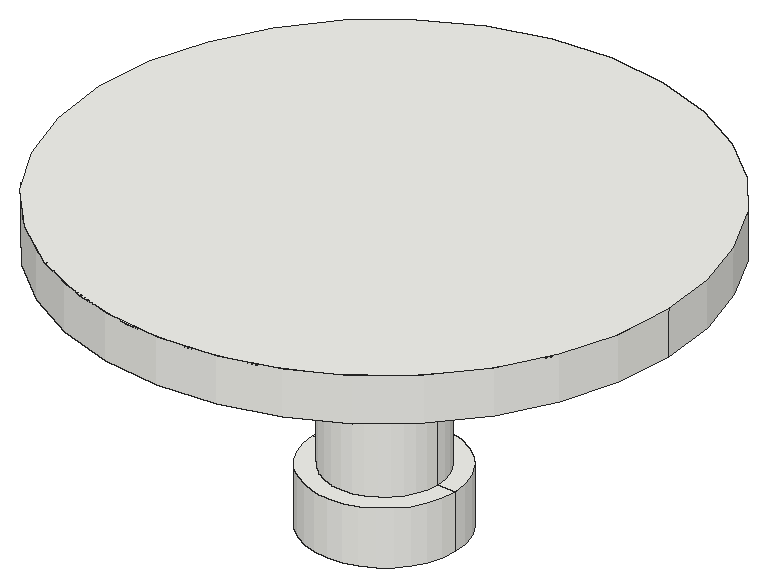
Revit family
Parameters (values of type "200 watts")
  Wattage Comments = "200"
  Wattage = 200 W
  built-in parameter 1150110 = 1 (stored number, unit not read)
  built-in parameter 1114217 = 1 (stored number, unit not read)
  built-in parameter 1150109 = 1 (stored number, unit not read)
  built-in parameter 1150134 = 4
  built-in parameter 1150113 = 1 (stored number, unit not read)
  Mounting Height = 60 mm
  Material of Fixture = Fixture Material
  built-in parameter 1150105 = 8024.6 (stored number, unit not read)
  Lumens = 2400 lm
  built-in parameter 1010506 = 0.5236 (stored number, unit not read)
  built-in parameter 1010507 = 1.5708 (stored number, unit not read)
  Tilt Angle = 90.00°
  built-in parameter 1150115 = 1 (stored number, unit not read)
  Light Source Symbol Length = 1000 mm
  built-in parameter 1150137 = (empty or 0)
  built-in parameter 1150139 = (empty or 0)
  built-in parameter 1150112 = 1 (stored number, unit not read)
  built-in parameter 1150114 = 1 (stored number, unit not read)
  built-in parameter 1150132 = (empty or 0)
  built-in parameter 1150102 = (empty or 0)
  built-in parameter 1150107 = 2800 (stored number, unit not read)
  built-in parameter 1150138 = (empty or 0)
  built-in parameter 1150106 = 80.246 (stored number, unit not read)
  built-in parameter 1150104 = 1.1148 (stored number, unit not read)
  Dimming Lamp Color Temperature Shift = (empty or 0)
  Color Filter = 16777215
  built-in parameter 1114218 = 1 (stored number, unit not read)
  built-in parameter 1150133 = 10 (stored number, unit not read)
Types (3, lengths in mm): name | Wattage Comments | Wattage | Material of Fixture | built-in parameter 1150105 | Lumens | built-in parameter 1150106
  (no name) | "200" | 200 W | Fixture Material | 8024.6 (stored number, unit not read) | 2400 lm | 80.246 (stored number, unit not read)
  200 watts | "200" | 200 W | Fixture Material | 8024.6 (stored number, unit not read) | 2400 lm | 80.246 (stored number, unit not read)
  400 watts | "400" | 400 W | none | 16049.1 (stored number, unit not read) | 4800 lm | 160.49 (stored number, unit not read)
Reference planes
  plane 1 "Light Source Axis (F/B)": y = 0
  plane 2 "Ceiling": z = 2438.4
  plane 3 "Light Source Axis (L/R)": x = 0
  plane 4 "Light Source Elevation": z = 2376.4
  plane 5: z = 2436.4
  plane 6: z = 2426.4
  plane 7: z = 2448.4
  plane 8: z = 2366.4
Forms (mm)
  Extrusion 1, solid, material "Fixture Material" <- "Material of Fixture"
    sketch origin (0, 0, 2438.4) x (1, 0, 0) y (0, 1, 0)
      loop
        circle (0, 0) r 80
    from -2 to 10
  Extrusion 2, solid, material "Fixture Material" <- "Material of Fixture"
    sketch origin (0, 0, 2438.4) x (1, 0, 0) y (0, 1, 0)
      loop
        circle (0, 0) r 60
    from -12 to -2
  Sweep 3, solid, material "Fixture Material" <- "Material of Fixture"
    path origin (0, 0, 2438.4) x (1, 0, 0) y (0, 1, 0)
      loop
        circle (0, 0) r 60
    profile origin (0, 60, 2438.4) x (0, -1, 0) y (0, 0, 1)
      loop
        arc (0, -2) -> (-5, -7) -> (0, -12) r 5
        line (0, -12) -> (0, -2)
  Revolve 4, solid, material "Fixture Material" <- "Material of Fixture"
    sketch origin (0, 0, 0) x (1, 0, 0) y (0, 0, 1)
      loop
        line (0, 2426.4) -> (0, 2424.4) -> (8, 2424.4) -> (8, 2404.4) -> (13, 2404.4) -> (13, 2379.4) -> (18, 2379.4) -> (18, 2366.4) -> (20, 2366.4) -> (20, 2381.4) -> (15, 2381.4) -> (15, 2406.4) -> (10, 2406.4) -> (10, 2426.4) -> (0, 2426.4)
      axis (0, 2366.4) -> (0, 2426.4)
    angle from 0 to 360
Lines and regions (mm)
  sketch lines
    curve 1: line (-1524, 1524, 0) -> (1524, 1524, 0)
    curve 2: line (-1524, 1524, 0) -> (-1524, -1524, 0)
    curve 3: line (-1524, -1524, 0) -> (1524, -1524, 0)
    curve 4: line (1524, 1524, 0) -> (1524, -1524, 0)
Text (mm)
  text "0 Tilt Angle" at (-1482.244, 236.007, 2133.6), in view "Ref. Level"
  text "180 Tilt Angle" at (653.058, 236.007, 2133.6), in view "Ref. Level"
Dimensions and locks
  equal spacing: curve 2, plane 3 "Light Source Axis (L/R)", curve 4
  equal spacing: curve 3, plane 1 "Light Source Axis (F/B)", curve 1
  curve 2 to curve 4 = 3048 mm
  curve 3 to curve 1 = 3048 mm
  locked: plane 2 "Ceiling" to plane 5 at 2
  locked: plane 7 to plane 5 at 12
  locked: plane 5 to plane 6 at 10
  "Mounting Height": plane 5 to plane 4 "Light Source Elevation"
  locked: plane 4 "Light Source Elevation" to plane 8 at 10
  aligned and locked: Extrusion 1 to plane 5
  aligned and locked: plane 7 to Extrusion 1
  aligned and locked: Extrusion 2 to plane 6
  aligned and locked: plane 5 to Extrusion 2
  aligned and locked: Extrusion 2 to Sweep 3 sketch curve
  aligned and locked: Sweep 3 sketch curve to Extrusion 2
  aligned and locked: profile plane to Sweep 3 sketch curve
  aligned and locked: plane 3 "Light Source Axis (L/R)" to Revolve 4 sketch curve
  aligned and locked: Extrusion 2 to Revolve 4 sketch curve
  aligned and locked: plane 8 to Revolve 4 sketch curve
  aligned and locked: plane 3 "Light Source Axis (L/R)" to imposter light
  aligned and locked: plane 1 "Light Source Axis (F/B)" to imposter light
  aligned and locked: plane 4 "Light Source Elevation" to imposter light
Automatic sketch dimensions
  Extrusion 1 sketch curve to plane 1 "Light Source Axis (F/B)" = 0 mm
  Extrusion 1 sketch curve to plane 3 "Light Source Axis (L/R)" = 0 mm
  Extrusion 2 sketch curve to plane 1 "Light Source Axis (F/B)" = 0 mm
  Extrusion 2 sketch curve to plane 3 "Light Source Axis (L/R)" = 0 mm
  Sweep 3 sketch curve to plane 1 "Light Source Axis (F/B)" = 0 mm
  Sweep 3 sketch curve to plane 3 "Light Source Axis (L/R)" = 0 mm
  Sweep 3 sketch curve to plane 3 "Light Source Axis (L/R)" = 60 mm
  Revolve 4 sketch curve to plane 3 "Light Source Axis (L/R)" = 0 mm
  Revolve 4 sketch curve to plane 6 = 2 mm
  plane 3 "Light Source Axis (L/R)" to Revolve 4 sketch curve = 8 mm
  Revolve 4 sketch curve to Revolve 4 sketch curve = 2 mm  (x5)
  Revolve 4 sketch curve to Revolve 4 sketch curve = 3 mm
  Revolve 4 sketch curve to Revolve 4 sketch curve = 5 mm
  Revolve 4 sketch curve to plane 8 = 11.935 mm
  Revolve 4 sketch curve to plane 4 "Light Source Elevation" = 3 mm
  Revolve 4 sketch curve to Revolve 4 sketch curve = 20 mm
  plane 7 to Revolve 4 sketch curve = 16.065 mm
  radius of Extrusion 1 sketch curve = 80 mm
  radius of Extrusion 2 sketch curve = 60 mm
